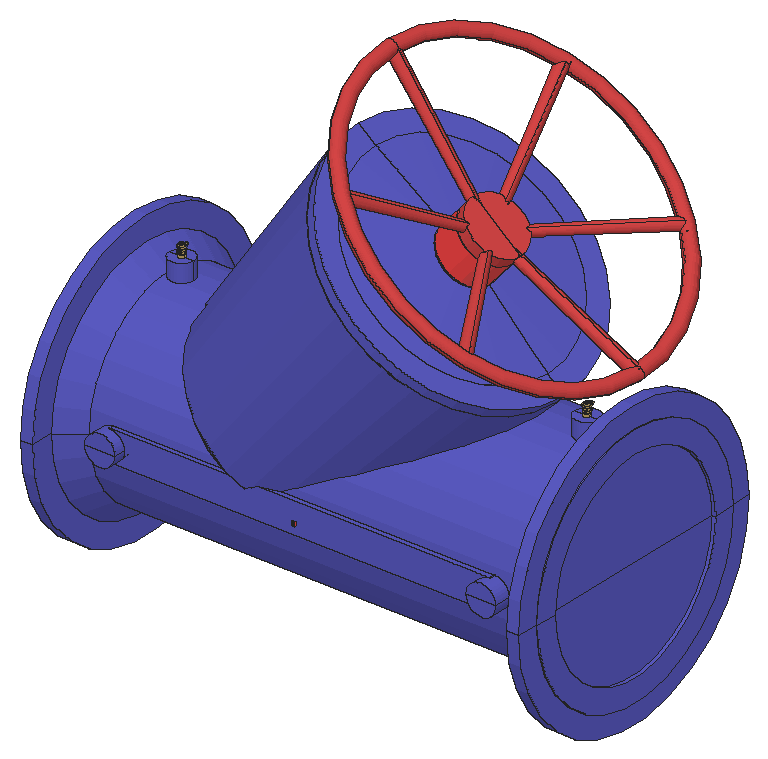
Revit family "HERZ Strömax Commissioning Valve With Test Points, Inclined Body 4218 GF PN16", category Rohrzubehör, Revit 2019
Family settings
  Bemaßung runder Anschluss = Durchmesser verwenden
  Teiletyp = Unterbricht
  OmniClass-Nummer = 23.65.55.14
  OmniClass-Titel = Valves for Liquid Services
  Arbeitsebenenbasiert = Nein
  Immer vertikal = Ja
  Beim Laden mit Abzugskörper schneiden = Nein
  Gemeinsam genutzt = Nein
Parameters
  kvs-value [instance] = if(Nennweite = 350.00 mm, 2917.6, if(Nennweite = 400.00 mm, 3854.8, if(Nennweite = 500.00 mm, 5250.6, 0)))  # 5250.6
  Counting device = "plastic material"  # constant formula
  W02 = 60.00°  # constant formula
  W01 = 50.00°  # constant formula
  Valve cone = "ductile iron EN-GJS-400-15 according to EN 1561 / EPDM coated"  # constant formula
  Spindle = "stainless steell"  # constant formula
  S01 [instance] = Nennweite + 10.00 mm  # 510.00 mm
  Regulating spindle = "stainless steell"  # constant formula
  Part number [instance] = size_lookup("4218_GF_16_", "Artnr", 0, Nennweite)  # 1421892
  Upper part = "ductile iron EN-GJS-400-15"  # constant formula
  O-Ring = "EPDM"  # constant formula
  Model = "STRÖMAX GF double regulating and commissioning valve with measuring valves, DN 350-500:\r\nbody nodular cast iron GJS 400-15 according to EN 1561, flange according to EN 1092, PN 16 or PN 25, blue enamel.\r\nValve upper part nodular cast iron GJS 400-15, with non-rising spindle, spindle sealing by means of a triple O-ring.\r\nPresetting steps are displayed digitally."
  Min. operating temperature = -10 °C  # constant formula
  Max. operating temperature = 110 °C  # constant formula
  Max. operating pressure = 1600000.0 Pa  # constant formula
  L04 [instance] = size_lookup("4218_GF_16_", "L4", 1.00 mm, Nennweite)  # 255.00 mm
  H11 = 85.00 mm  # constant formula
  H10 [instance] = H07 + H03  # 720.30 mm
  H08 = 47.00 mm  # constant formula
  H07 = 50.00 mm  # constant formula
  H06 = 27.00 mm  # constant formula
  H05 [instance] = H04 + 25.00 mm  # 605.00 mm
  H04 [instance] = size_lookup("4218_GF_16_", "H4", 1.00 mm, Nennweite)  # 580.00 mm
  H03 [instance] = size_lookup("4218_GF_16_", "H3", 1.00 mm, Nennweite)  # 670.30 mm
  Weight [instance] = if(Nennweite = 350.00 mm, "536.0 kg", if(Nennweite = 400.00 mm, "547.0 kg", if(Nennweite = 500.00 mm, "968.0 kg", "0")))  # "968.0 kg"
  URL = "www.herzvalves.com"
  SCRNSEQ = "ARM;ARM_TYP=\"STRV\";2"
  SCRNCODE = "05;07;02"  # constant formula
  R02 [instance] = size_lookup("4218_GF_16_", "R2", 1.00 mm, Nennweite)  # 30.00 mm
  R01 [instance] = size_lookup("4218_GF_16_", "R1", 1.00 mm, Nennweite)  # 37.50 mm
  Nennweite [instance] = 500.00 mm
  Medium = "Heating water quality according to ÖNORM H 5195 or VDI guideline 2035.\r\nEthylene and propylene glycol can be used in a ratio of 25-50 vol. [%] are mixed."
  L03 [instance] = size_lookup("4218_GF_16_", "L3", 1.00 mm, Nennweite)  # 505.00 mm
  L02 [instance] = size_lookup("4218_GF_16_", "L2", 1.00 mm, Nennweite)  # 475.00 mm
  L01 [instance] = size_lookup("4218_GF_16_", "L1", 1.00 mm, Nennweite)  # 533.50 mm
  L00 [instance] = size_lookup("4218_GF_16_", "L", 1.00 mm, Nennweite)  # 1250.00 mm
  Hersteller = "HERZ Armaturen Ges.m.b.H."  # constant formula
  H09 [instance] = H03  # 670.30 mm
  H02 [instance] = size_lookup("4218_GF_16_", "H2", 1.00 mm, Nennweite)  # 295.00 mm
  H01 [instance] = size_lookup("4218_GF_16_", "H1", 1.00 mm, Nennweite)  # 292.00 mm
  GT = 10.00 mm  # constant formula
  Field of application = "For hydraulic balancing in heating or cooling systems, regulating and shutting off distribution circuits, heat exchangers, heating and cooling terminals."
  FLL02 [instance] = size_lookup("4218_GF_16_", "FLL2", 1.00 mm, Nennweite)  # 30.00 mm
  FLL01 [instance] = size_lookup("4218_GF_16_", "FLL1", 1.00 mm, Nennweite)  # 4.00 mm
  FLD03 [instance] = size_lookup("4218_GF_16_", "FLD3", 1.00 mm, Nennweite)  # 254.00 mm
  FLD02 [instance] = size_lookup("4218_GF_16_", "FLD2", 1.00 mm, Nennweite)  # 300.00 mm
  FLD01 [instance] = size_lookup("4218_GF_16_", "FLD1", 1.00 mm, Nennweite)  # 305.00 mm
  FLD00 [instance] = size_lookup("4218_GF_16_", "FLD", 1.00 mm, Nennweite)  # 357.50 mm
  Differential pressure measurement = "The STRÖMAX GF double regulating and commissioning valve is equipped with two measuring valves:\r\nIt is possible to measure the differential pressure with suitable measuring devices and to determine the flow rate accordingly."
  DN500 [instance] = Nennweite = 500.00 mm  # yes
  DN400 [instance] = Nennweite = 400.00 mm  # no
  DN350 [instance] = Nennweite = 350.00 mm  # no
  D05 = 75.00 mm  # constant formula
  D04 [instance] = size_lookup("4218_GF_16_", "D4", 1.00 mm, Nennweite)  # 54.00 mm
  D03 [instance] = size_lookup("4218_GF_16_", "D3", 1.00 mm, Nennweite)  # 275.00 mm
  D02 [instance] = D03 - 20.00 mm  # 255.00 mm
  D01 [instance] = size_lookup("4218_GF_16_", "D1", 1.00 mm, Nennweite)  # 334.00 mm
  D00 [instance] = size_lookup("4218_GF_16_", "D", 1.00 mm, Nennweite)  # 278.00 mm
  Body = "ductile iron EN-GJS-400-15"  # constant formula
  BH02 [instance] = -BH01  # -37.50 mm
  BH01 [instance] = size_lookup("4218_GF_16_", "BH1", 1.00 mm, Nennweite)  # 37.50 mm
  Anschluss [instance] = Nennweite / 2  # 250.00 mm
Reference planes
  plane 1 "Mitte (Vorne/hinten)": y = 0
  plane 2: z = 0
  plane 3 "Mitte (Links/rechts)": x = 0
Forms (mm)
  Revolve 1, solid, material "Herz-Marineblau", detail levels fine
    sketch origin (1058.943, 0, 0) x (1, 0, 0) y (0, 1, 0)
      loop
        line (-1679.943, 357.5) -> (-1679.943, 305) -> (-1683.943, 305) -> (-1683.943, 250) -> (-1673.943, 250) -> (-1673.943, 0) -> (-443.943, 0) -> (-443.943, 250) -> (-433.943, 250) -> (-433.943, 305) -> (-437.943, 305) -> (-437.943, 357.5) -> (-467.943, 357.5) -> (-467.943, 300) -> (-525.443, 254)
        arc (-525.443, 254) -> (-1058.943, 278) -> (-1592.443, 254) r 5941.63
        line (-1592.443, 254) -> (-1649.943, 300) -> (-1649.943, 357.5) -> (-1679.943, 357.5)
      axis (-1683.943, 0) -> (-433.943, 0)
    angle from 0 to 360
  Revolve 2, solid, material "Herz-Marineblau", detail levels fine
    sketch origin (0, 0, 0) x (1, 0, 0) y (0, 1, 0)
      loop
        line (-475, 292) -> (-512.5, 292) -> (-512.5, -292) -> (-475, -292) -> (-475, 292)
      axis (-475, 292) -> (-475, -292)
    angle from 0 to 360
  Revolve 3, solid, material "Herz-Marineblau", detail levels fine
    sketch origin (0, 0, 0) x (-1, 0, 0) y (0, 1, 0)
      loop
        line (-475, 292) -> (-512.5, 292) -> (-512.5, -292) -> (-475, -292) -> (-475, 292)
      axis (-475, 292) -> (-475, -292)
    angle from 0 to 360
  Revolve 4, solid, material "Herz-Marineblau", detail levels fine
    sketch origin (0, 0, 0) x (1, 0, 0) y (0, 0, 1)
      loop
        line (-505, 0) -> (-505, 295) -> (-535, 295) -> (-535, 0) -> (-505, 0)
      axis (-505, 295) -> (-505, 0)
    angle from 0 to 360
  Revolve 5, solid, material "Herz-Marineblau", detail levels fine
    sketch origin (0, 0, 0) x (-1, 0, 0) y (0, 0, 1)
      loop
        line (-505, 0) -> (-505, 295) -> (-535, 295) -> (-535, 0) -> (-505, 0)
      axis (-505, 295) -> (-505, 0)
    angle from 0 to 360
  Extrusion 6, solid, material "Herz-Marineblau", visible <- "DN500", detail levels fine
    sketch origin (0, 0, 0) x (1, 0, 0) y (0, 1, 0)
      loop
        arc (-475, -263.998) -> (0, -282.994) -> (475, -263.998) r 5948.094
        line (475, -263.998) -> (475, 263.998)
        arc (475, 263.998) -> (0, 282.994) -> (-475, 263.998) r 5948.094
        line (-475, 263.998) -> (-475, -263.998)
    from -37.5 <- "BH02" to 37.5 <- "BH01"
  Extrusion 7, solid, material "Herz-Marineblau", visible <- "DN400", detail levels fine
    sketch origin (0, 0, 0) x (1, 0, 0) y (0, 1, 0)
      loop
        arc (-410, -209.712) -> (0, -223.005) -> (410, -209.712) r 6329.849
        line (410, -209.712) -> (410, 209.712)
        arc (410, 209.712) -> (0, 223.005) -> (-410, 209.712) r 6329.849
        line (-410, 209.712) -> (-410, -209.712)
    from -37.5 <- "BH02" to 37.5 <- "BH01"
  Extrusion 8, solid, material "Herz-Marineblau", visible <- "DN350", detail levels fine
    sketch origin (0, 0, 0) x (1, 0, 0) y (0, 1, 0)
      loop
        arc (-390, -185.916) -> (0, -255.071) -> (390, -185.916) r 1134.286
        line (390, -185.916) -> (390, 185.916)
        arc (390, 185.916) -> (0, 255.071) -> (-390, 185.916) r 1134.286
        line (-390, 185.916) -> (-390, -185.916)
    from -37.5 <- "BH02" to 37.5 <- "BH01"
  Revolve 9, solid, material "Herz-Marineblau", detail levels fine
    sketch origin (0, 0, 0) x (1, 0, 0) y (0, 0, 1)
      loop
        line (-255, 0) -> (175.861, 513.48) -> (-79.998, 728.171) -> (-407.619, 245.94) -> (-408.367, 213.934) -> (-255, 0)
      axis (-255, 0) -> (175.861, 513.48)
    angle from 0 to 360
  Revolve 10, solid, material "Herz-Marineblau", detail levels fine
    sketch origin (0, 0, 0) x (1, 0, 0) y (0, 0, 1)
      loop
        line (175.861, 513.48) -> (208, 551.782) -> (150.547, 599.991) -> (148.618, 597.693)
        arc (148.618, 597.693) -> (66.389, 659.883) -> (-21.277, 714.143) r 1105.603
        line (-21.277, 714.143) -> (-62.643, 748.854) -> (-79.998, 728.171) -> (175.861, 513.48)
      axis (208, 551.782) -> (175.861, 513.48)
    angle from 0 to 360
  Revolve 11, solid, material "Kunsstoff rot", detail levels fine
    sketch origin (0, 0, 0) x (1, 0, 0) y (0, 0, 1)
      loop
        line (208, 551.782) -> (262.637, 616.896) -> (205.184, 665.105) -> (150.547, 599.991) -> (208, 551.782)
      axis (262.637, 616.896) -> (208, 551.782)
    angle from 0 to 360
Lines and regions (mm)
  model lines, detail levels coarse+medium
    curve 1: line (-625, 0, 357.5) -> (-625, 0, -357.5)
    curve 2: line (-625, 0, -357.5) -> (625, 0, 357.5)
    curve 3: line (625, 0, 357.5) -> (625, 0, -357.5)
    curve 4: line (625, 0, -357.5) -> (-625, 0, 357.5)
    curve 5: line (0, 0, 0) -> (386.998, 0, 670.3)
    curve 6: line (166.161, 0, 797.8) -> (607.834, 0, 542.8)
    curve 7: line (-625, 357.5, 0) -> (-625, -357.5, 0)
    curve 8: line (-625, -357.5, 0) -> (625, 357.5, 0)
    curve 9: line (625, 357.5, 0) -> (625, -357.5, 0)
    curve 10: line (625, -357.5, 0) -> (-625, 357.5, 0)
    curve 11: line (0, 0, 0) -> (386.998, 670.3, 0)
    curve 12: line (166.161, 797.8, 0) -> (607.834, 542.8, 0)
Dimensions and locks
  "FLD00": plane 1 "Mitte (Vorne/hinten)" to Revolve 1 sketch curve
  "FLD01": plane 1 "Mitte (Vorne/hinten)" to Revolve 1 sketch curve
  "FLD02": plane 1 "Mitte (Vorne/hinten)" to Revolve 1 sketch curve  (x2)
  "FLD03": plane 1 "Mitte (Vorne/hinten)" to Revolve 1 sketch curve  (x2)
  "GT": Revolve 1 sketch curve to Revolve 1 sketch curve  (x2)
  "FLL01": Revolve 1 sketch curve to Revolve 1 sketch curve  (x2)
  "FLL02": Revolve 1 sketch curve to Revolve 1 sketch curve  (x2)
  equal spacing: Revolve 1 sketch curve, plane 3 "Mitte (Links/rechts)", Revolve 1 sketch curve
  "Anschluss": Revolve 1 sketch curve to plane 1 "Mitte (Vorne/hinten)"
  "Anschluss": plane 1 "Mitte (Vorne/hinten)" to Revolve 1 sketch curve
  "FLD01": Revolve 1 sketch curve to plane 1 "Mitte (Vorne/hinten)"
  "FLD00": Revolve 1 sketch curve to plane 1 "Mitte (Vorne/hinten)"
  "L00": Revolve 1 sketch curve to Revolve 1 sketch curve
  "D00": plane 1 "Mitte (Vorne/hinten)" to Revolve 1 sketch curve
  "L01": Revolve 1 sketch curve to plane 3 "Mitte (Links/rechts)" to Revolve 1 sketch curve
  "L02": Revolve 2 sketch curve to plane 3 "Mitte (Links/rechts)"
  "R01": Revolve 2 sketch curve to Revolve 2 sketch curve
  "H01": Revolve 2 sketch curve to plane 1 "Mitte (Vorne/hinten)" to Revolve 2 sketch curve
  "L02": plane 3 "Mitte (Links/rechts)" to Revolve 3 sketch curve
  "R01": Revolve 3 sketch curve to Revolve 3 sketch curve
  "H01": Revolve 3 sketch curve to plane 1 "Mitte (Vorne/hinten)" to Revolve 3 sketch curve
  "L03": plane 3 "Mitte (Links/rechts)" to Revolve 4 sketch curve
  "R02": Revolve 4 sketch curve to Revolve 4 sketch curve
  "H02": Revolve 4 sketch curve to plane 2
  "R02": Revolve 5 sketch curve to Revolve 5 sketch curve
  "L03": Revolve 5 sketch curve to plane 3 "Mitte (Links/rechts)"
  "H02": Revolve 5 sketch curve to plane 2
  "L03": plane 3 "Mitte (Links/rechts)" to nested 1
  "L03": nested 2 to plane 3 "Mitte (Links/rechts)"
  "H02": nested 1 to plane 2
  "H02": nested 2 to plane 2
  "FLD00": curve 4 to plane 2 to curve 2
  "FLD00": curve 3 to plane 2 to curve 4
  equal spacing: curve 1, plane 3 "Mitte (Links/rechts)", curve 3
  "L00": curve 1 to curve 3
  "H09": curve 5 to plane 2
  equal spacing: curve 1, curve 5, curve 3
  equal spacing: curve 6, curve 5, curve 6
  "S01": curve 6 to curve 6
  "FLD00": curve 8 to plane 1 "Mitte (Vorne/hinten)" to curve 10
  "FLD00": curve 10 to plane 1 "Mitte (Vorne/hinten)" to curve 9
  equal spacing: curve 7, plane 3 "Mitte (Links/rechts)", curve 9
  "L00": curve 7 to curve 9
  equal spacing: curve 7, curve 11, curve 9
  "H09": plane 1 "Mitte (Vorne/hinten)" to curve 11
  equal spacing: curve 12, curve 11, curve 12
  "S01": curve 12 to curve 12
  "L04": plane 3 "Mitte (Links/rechts)" to Revolve 9 sketch curve  (x2)
  "H03": Revolve 9 sketch curve to Revolve 9 sketch curve
  "D02": Revolve 9 sketch curve to Revolve 9 sketch curve
  "H05": Revolve 9 sketch curve to Revolve 9 sketch curve
  "H04": Revolve 9 sketch curve to Revolve 9 sketch curve
  "D03": Revolve 9 sketch curve to Revolve 9 sketch curve
  "H03": Revolve 10 sketch curve to Revolve 10 sketch curve
  "D01": Revolve 10 sketch curve to Revolve 10 sketch curve  (x2)
  "D04": Revolve 10 sketch curve to Revolve 10 sketch curve
  "D05": Revolve 10 sketch curve to Revolve 10 sketch curve
  "H06": Revolve 9 to Revolve 10 sketch curve
  "H07": Revolve 9 to Revolve 10 sketch curve
  "H08": Revolve 9 to Revolve 10 sketch curve
  "L04": plane 3 "Mitte (Links/rechts)" to Revolve 10 sketch curve
  "D01": Revolve 9 sketch curve to Revolve 9 sketch curve
  "L04": plane 3 "Mitte (Links/rechts)" to Revolve 11 sketch curve
  "H11": Revolve 10 to Revolve 11 sketch curve
  "D05": Revolve 11 sketch curve to Revolve 11 sketch curve  (x2)
  "H10": Revolve 11 sketch curve to Revolve 11 sketch curve
  "W02": angle plane 2 to curve 5
  "W02": angle plane 1 "Mitte (Vorne/hinten)" to curve 11
  "W01": angle plane 2 to Revolve 9 sketch curve  (x2)
  "W01": angle plane 2 to Revolve 10 sketch curve  (x2)
  "W01": angle plane 2 to Revolve 11 sketch curve  (x2)
  aligned and locked: level to plane 2
Automatic sketch dimensions
  Extrusion 6 sketch curve to plane 3 "Mitte (Links/rechts)" = 0.00 mm  (x2)
  plane 1 "Mitte (Vorne/hinten)" to Extrusion 6 sketch curve = 263.998 mm
  Extrusion 6 sketch curve to plane 3 "Mitte (Links/rechts)" = 475.00 mm
  Extrusion 6 sketch curve to Extrusion 6 sketch curve = 5401.102 mm
  Extrusion 6 sketch curve to plane 1 "Mitte (Vorne/hinten)" = 5665.10 mm
  Extrusion 6 sketch curve to plane 1 "Mitte (Vorne/hinten)" = 263.998 mm  (x2)
  Extrusion 7 sketch curve to plane 3 "Mitte (Links/rechts)" = 0.00 mm  (x2)
  plane 1 "Mitte (Vorne/hinten)" to Extrusion 7 sketch curve = 209.712 mm  (x2)
  Extrusion 7 sketch curve to plane 3 "Mitte (Links/rechts)" = 410.00 mm
  Extrusion 7 sketch curve to Extrusion 7 sketch curve = 5897.131 mm
  Extrusion 7 sketch curve to plane 1 "Mitte (Vorne/hinten)" = 6106.844 mm
  Extrusion 7 sketch curve to plane 1 "Mitte (Vorne/hinten)" = 209.712 mm
  Extrusion 8 sketch curve to plane 3 "Mitte (Links/rechts)" = 0.00 mm  (x2)
  plane 1 "Mitte (Vorne/hinten)" to Extrusion 8 sketch curve = 185.916 mm
  Extrusion 8 sketch curve to plane 3 "Mitte (Links/rechts)" = 390.00 mm
  Extrusion 8 sketch curve to Extrusion 8 sketch curve = 693.298 mm
  Extrusion 8 sketch curve to plane 1 "Mitte (Vorne/hinten)" = 879.214 mm
  Extrusion 8 sketch curve to plane 1 "Mitte (Vorne/hinten)" = 185.916 mm  (x2)
  plane 1 "Mitte (Vorne/hinten)" to Revolve 1 sketch curve = 0.00 mm  (x2)
  Revolve 1 sketch curve to Revolve 1 sketch curve = 35.00 mm
  Revolve 1 sketch curve to Revolve 1 sketch curve = 40.00 mm
  Revolve 2 sketch curve to Revolve 2 sketch curve = 0.00 mm  (x3)
  Revolve 3 sketch curve to Revolve 3 sketch curve = 0.00 mm  (x3)
  Revolve 4 sketch curve to level = 0.00 mm  (x2)
  Revolve 4 sketch curve to Revolve 4 sketch curve = 0.00 mm  (x2)
  Revolve 5 sketch curve to level = 0.00 mm  (x2)
  Revolve 5 sketch curve to Revolve 5 sketch curve = 0.00 mm  (x2)
  Revolve 9 sketch curve to level = 0.00 mm  (x2)
  Revolve 10 sketch curve to level = 0.00 mm
  Revolve 10 sketch curve to level = 252.062 mm
  Revolve 11 sketch curve to level = 0.00 mm
Nested families
  nested 1: "Messstutzen_Band_Eintritt_senkrecht_(oben)" at (-505, 0, 286), type "Messstutzen_Band_Eintritt_senkrecht_(oben)", detail levels fine
    with Schutzkappe yes, Nennweite 0.00 mm, Gewicht 0.00 kg, Bestellnummer 0
  nested 2: "Messstutzen_Band_Austritt_senkrecht_(oben)" at (505, 0, 286), type "Messstutzen_Band_Austritt_senkrecht_(oben)", detail levels fine
    with Schutzkappe yes, Nennweite 0.00 mm, Gewicht 0.00 kg, Bestellnummer 0
  nested 3: "Herz-Logo-vorne" at (0, -282.994, 0) x (0, 1, 0) z (0, 0, 1), visible <- "DN500", type "Herz-Logo-vorne", detail levels fine
  nested 4: "Herz-Logo-vorne" at (0, -221.503, 0) x (0, 1, 0) z (0, 0, 1), visible <- "DN400", type "Herz-Logo-vorne", detail levels fine
  nested 5: "Herz-Logo-vorne" at (0, -255.053, 0) x (0, 1, 0) z (0, 0, 1), visible <- "DN350", type "Herz-Logo-vorne", detail levels fine
  nested 6: "Strangregulierventil-Handrad_VOLL-Schräg (Rot) DN350-DN400" at (211.704, 0, 501.376), visible <- "DN350", type "Strangregulierventil-Handrad_VOLL-Schräg (Rot) DN350-DN400"
    with DN300 yes
  nested 7: "Strangregulierventil-Handrad_VOLL-Schräg (Rot) DN350-DN400" at (230.272, 0, 547.339), visible <- "DN400", type "Strangregulierventil-Handrad_VOLL-Schräg (Rot) DN350-DN400"
    with DN300 yes
  nested 8: "Strangregulierventil-Handrad_VOLL-Schräg (Rot) DN500" at (262.637, 0, 616.896), visible <- "DN500", type "Strangregulierventil-Handrad_VOLL-Schräg (Rot) DN500", detail levels fine
    with DN300 yes
Connectors
  piping at (-625, 0, 0), diameter 500, driven by "Nennweite"
    settings: on Revolve 1, index 1, connector inside diameter 609.6 mm, connector length 0.00 mm, flow factor 0, pipe flow 0.0 L/s, pressure drop 0.0 Pa, fitting loss kfactor 0, connector angle 0.00°, fixture units 0, engagement length 0.00 mm, angle of deflection 0.00°, flow configuration 0, flow direction 1, fitting loss method 0, system type 29, joint type 0, gender type 0, connector reference index -1, connector utility 0, adjustable connector no, is connector primary yes, connector description ""
  piping at (625, 0, 0), diameter 500, driven by "Nennweite"
    settings: on Revolve 1, index 2, connector inside diameter 609.6 mm, connector length 0.00 mm, flow factor 0, pipe flow 0.0 L/s, pressure drop 0.0 Pa, fitting loss kfactor 0, connector angle 0.00°, fixture units 0, engagement length 0.00 mm, angle of deflection 0.00°, flow configuration 0, flow direction 2, fitting loss method 0, system type 29, joint type 0, gender type 0, connector reference index -1, connector utility 0, adjustable connector no, is connector primary no, connector description ""
Definition of nested family "Messstutzen_Band_Eintritt_senkrecht_(oben)"
  Parameters (values of type "Messstutzen_Band_Eintritt_senkrecht_(oben)")
    URL = "www.herz-armaturen.at"
    Schutzkappe [instance] = yes
    Nennweite [instance] = 0.00 mm
    Manufacturer = "Herz Armaturen GmbH"  # constant formula
    Gewicht [instance] = 0.00 kg
    Bestellnummer [instance] = 0
  Reference planes
    plane 1 "Mitte (Vorne/hinten)": y = 0
    plane 2: z = 0
    plane 3 "Mitte (Links/rechts)": x = 0
    plane 4 "Schlaufe 1": z = -27
    plane 5 "Schlaufe 2": z = -31.678
  Forms (mm)
    Revolve 1, solid, detail levels fine
      sketch origin (0, 0, 0) x (1, 0, 0) y (0, 0, 1)
        loop
          line (-7.4, 9) -> (-5.55, 9) -> (-5.55, 6)
          arc (-5.55, 6) -> (-5.626, 5.617) -> (-5.843, 5.293) r 1
          line (-5.843, 5.293) -> (-6.455, 4.681) -> (-6.455, 0.9) -> (-5.555, 0) -> (-2, 0) -> (-2, 17.5) -> (-8.4, 17.5)
          arc (-8.4, 17.5) -> (-7.693, 17.207) -> (-7.4, 16.5) r 1
          line (-7.4, 16.5) -> (-7.4, 9)
        loop
          line (-3.7, 27) -> (-7.3, 27) -> (-7.9, 26.4) -> (-7.9, 23) -> (-2, 23) -> (-2, 35.8) -> (-3.805, 35.8) -> (-4.415, 35.19) -> (-4.415, 30.863) -> (-3.7, 30.45) -> (-3.7, 27)
        axis (0, 0) -> (0, 35.8)
      angle from 0 to 360
    Extrusion 2, solid, detail levels fine
      sketch origin (0, 0, 17.5) x (0, 1, 0) y (-1, 0, 0)
        loop
          arc (-7.07, 5.156) -> (-7.578, 4.375) -> (-8, 3.544) r 8.75
          line (-8, 3.544) -> (-8, -3.544)
          arc (-8, -3.544) -> (-7.578, -4.375) -> (-7.07, -5.156) r 8.75
          line (-7.07, -5.156) -> (-0.93, -8.7)
          arc (-0.93, -8.7) -> (0, -8.75) -> (0.93, -8.7) r 8.75
          line (0.93, -8.7) -> (7.07, -5.156)
          arc (7.07, -5.156) -> (7.578, -4.375) -> (8, -3.544) r 8.75
          line (8, -3.544) -> (8, 3.544)
          arc (8, 3.544) -> (7.578, 4.375) -> (7.07, 5.156) r 8.75
          line (7.07, 5.156) -> (0.93, 8.7)
          arc (0.93, 8.7) -> (0, 8.75) -> (-0.93, 8.7) r 8.75
          line (-0.93, 8.7) -> (-7.07, 5.156)
      from 0 to 5.5
    Revolve 3, solid, visible <- "Schutzkappe", detail levels fine
      sketch origin (0, 0, 0) x (1, 0, 0) y (0, 0, 1)
        loop
          line (0, 35.878) -> (0, 36.678) -> (-7, 36.678) -> (-7, 33.378) -> (-6.1, 33.378) -> (-6.1, 31.678) -> (-6.9, 31.678) -> (-6.9, 30.178) -> (-4.415, 30.178) -> (-4.415, 35.268) -> (-3.805, 35.878) -> (0, 35.878)
        axis (0, 30.178) -> (0, 36.678)
      angle from 0 to 360
    Extrusion 4, solid, detail levels fine
      sketch origin (0, 0, 28.5) x (1, 0, 0) y (0, 1, 0)
        loop
          circle (0, 0) r 3.7
        loop
          arc (-3.906, 5.505) -> (0, -6.75) -> (3.906, 5.505) r 6.75
          arc (3.906, 5.505) -> (2.358, 7.288) -> (1.8, 9.582) r 5
          line (1.8, 9.582) -> (-1.8, 9.582)
          arc (-1.8, 9.582) -> (-2.358, 7.288) -> (-3.906, 5.505) r 5
      from 0 to -1.5
    Extrusion 5, solid, detail levels fine
      sketch origin (0, 0, 33.178) x (1, 0, 0) y (0, 1, 0)
        loop
          circle (0, 0) r 6.1
        loop
          arc (-4.495, 8.652) -> (0, -9.75) -> (4.495, 8.652) r 9.75
          arc (4.495, 8.652) -> (2.527, 10.493) -> (1.8, 13.089) r 5
          line (1.8, 13.089) -> (-1.8, 13.089)
          arc (-1.8, 13.089) -> (-2.527, 10.493) -> (-4.495, 8.652) r 5
      from 0 to -1.5
    Sweep 6, solid, detail levels fine
      path origin (0, 0, 0) x (0, 0, -1) y (0, -1, 0)
        loop
          line (-27.75, -9.582) -> (-27.75, -14.522)
          arc (-27.75, -14.522) -> (-30.089, -16.862) -> (-32.428, -14.522) r 2.339
          line (-32.428, -14.522) -> (-32.428, -13.089)
      profile origin (0, 12.052, 27.75) x (0, 0, 1) y (1, 0, 0)
        loop
          line (-0.75, -1.8) -> (0.75, -1.8) -> (0.75, 1.8) -> (-0.75, 1.8) -> (-0.75, -1.8)
  Dimensions and locks
    aligned and locked: level to plane 2
Definition of nested family "Messstutzen_Band_Austritt_senkrecht_(oben)"
  Parameters (values of type "Messstutzen_Band_Austritt_senkrecht_(oben)")
    URL = "www.herz-armaturen.at"
    Schutzkappe [instance] = yes
    Nennweite [instance] = 0.00 mm
    Manufacturer = "Herz Armaturen GmbH"  # constant formula
    Gewicht [instance] = 0.00 kg
    Bestellnummer [instance] = 0
  Reference planes
    plane 1 "Mitte (Vorne/hinten)": y = 0
    plane 2: z = 0
    plane 3 "Mitte (Links/rechts)": x = 0
    plane 4 "Schlaufe 1": z = -27
    plane 5 "Schlaufe 2": z = -31.678
  Forms (mm)
    Revolve 1, solid, detail levels fine
      sketch origin (0, 0, 0) x (1, 0, 0) y (0, 0, 1)
        loop
          line (-7.4, 9) -> (-5.55, 9) -> (-5.55, 6)
          arc (-5.55, 6) -> (-5.626, 5.617) -> (-5.843, 5.293) r 1
          line (-5.843, 5.293) -> (-6.455, 4.681) -> (-6.455, 0.9) -> (-5.555, 0) -> (-2, 0) -> (-2, 17.5) -> (-8.4, 17.5)
          arc (-8.4, 17.5) -> (-7.693, 17.207) -> (-7.4, 16.5) r 1
          line (-7.4, 16.5) -> (-7.4, 9)
        loop
          line (-3.7, 27) -> (-7.3, 27) -> (-7.9, 26.4) -> (-7.9, 23) -> (-2, 23) -> (-2, 35.8) -> (-3.805, 35.8) -> (-4.415, 35.19) -> (-4.415, 30.863) -> (-3.7, 30.45) -> (-3.7, 27)
        axis (0, 0) -> (0, 35.8)
      angle from 0 to 360
    Extrusion 2, solid, detail levels fine
      sketch origin (0, 0, 17.5) x (0, 1, 0) y (-1, 0, 0)
        loop
          arc (-7.07, 5.156) -> (-7.578, 4.375) -> (-8, 3.544) r 8.75
          line (-8, 3.544) -> (-8, -3.544)
          arc (-8, -3.544) -> (-7.578, -4.375) -> (-7.07, -5.156) r 8.75
          line (-7.07, -5.156) -> (-0.93, -8.7)
          arc (-0.93, -8.7) -> (0, -8.75) -> (0.93, -8.7) r 8.75
          line (0.93, -8.7) -> (7.07, -5.156)
          arc (7.07, -5.156) -> (7.578, -4.375) -> (8, -3.544) r 8.75
          line (8, -3.544) -> (8, 3.544)
          arc (8, 3.544) -> (7.578, 4.375) -> (7.07, 5.156) r 8.75
          line (7.07, 5.156) -> (0.93, 8.7)
          arc (0.93, 8.7) -> (0, 8.75) -> (-0.93, 8.7) r 8.75
          line (-0.93, 8.7) -> (-7.07, 5.156)
      from 0 to 5.5
    Revolve 3, solid, visible <- "Schutzkappe", detail levels fine
      sketch origin (0, 0, 0) x (1, 0, 0) y (0, 0, 1)
        loop
          line (0, 35.878) -> (0, 36.678) -> (-7, 36.678) -> (-7, 33.378) -> (-6.1, 33.378) -> (-6.1, 31.678) -> (-6.9, 31.678) -> (-6.9, 30.178) -> (-4.415, 30.178) -> (-4.415, 35.268) -> (-3.805, 35.878) -> (0, 35.878)
        axis (0, 30.178) -> (0, 36.678)
      angle from 0 to 360
    Extrusion 4, solid, detail levels fine
      sketch origin (0, 0, 28.5) x (1, 0, 0) y (0, 1, 0)
        loop
          circle (0, 0) r 3.7
        loop
          arc (-3.906, 5.505) -> (0, -6.75) -> (3.906, 5.505) r 6.75
          arc (3.906, 5.505) -> (2.358, 7.288) -> (1.8, 9.582) r 5
          line (1.8, 9.582) -> (-1.8, 9.582)
          arc (-1.8, 9.582) -> (-2.358, 7.288) -> (-3.906, 5.505) r 5
      from 0 to -1.5
    Extrusion 5, solid, detail levels fine
      sketch origin (0, 0, 33.178) x (1, 0, 0) y (0, 1, 0)
        loop
          circle (0, 0) r 6.1
        loop
          arc (-4.495, 8.652) -> (0, -9.75) -> (4.495, 8.652) r 9.75
          arc (4.495, 8.652) -> (2.527, 10.493) -> (1.8, 13.089) r 5
          line (1.8, 13.089) -> (-1.8, 13.089)
          arc (-1.8, 13.089) -> (-2.527, 10.493) -> (-4.495, 8.652) r 5
      from 0 to -1.5
    Sweep 6, solid, detail levels fine
      path origin (0, 0, 0) x (0, 0, -1) y (0, -1, 0)
        loop
          line (-27.75, -9.582) -> (-27.75, -14.522)
          arc (-27.75, -14.522) -> (-30.089, -16.862) -> (-32.428, -14.522) r 2.339
          line (-32.428, -14.522) -> (-32.428, -13.089)
      profile origin (0, 12.052, 27.75) x (0, 0, 1) y (1, 0, 0)
        loop
          line (-0.75, -1.8) -> (0.75, -1.8) -> (0.75, 1.8) -> (-0.75, 1.8) -> (-0.75, -1.8)
  Dimensions and locks
    aligned and locked: level to plane 2
Definition of nested family "Herz-Logo-vorne"
  Reference planes
    plane 1 "Mitte (Vorne/hinten)": y = 0
    plane 2: z = 0
    plane 3 "Mitte (Links/rechts)": x = 0
  Forms (mm)
    Extrusion 1, solid
      sketch origin (0.732, -0.018, 0.017) x (0, -1, 0) y (0, 0, 1)
        loop
          line (-0.018, -4.517) -> (4.482, -4.517) -> (4.482, 4.483) -> (-4.518, 4.483) -> (-4.518, -4.517) -> (-0.018, -4.517)
        loop
          line (-0.05, -3.48) -> (3.482, -3.48) -> (3.482, 3.483) -> (-3.518, 3.483) -> (-3.518, -3.48) -> (-0.05, -3.48)
        loop
          arc (-0.018, 2.383) -> (-1.543, 3.287) -> (-3.067, 2.383) r 1.738
          arc (-3.067, 2.383) -> (-3.191, 1.899) -> (-3.067, 1.415) r 1.009
          line (-3.067, 1.415) -> (-0.018, -3.281) -> (3.032, 1.415)
          arc (3.032, 1.415) -> (3.156, 1.899) -> (3.032, 2.383) r 1.009
          arc (3.032, 2.383) -> (1.507, 3.287) -> (-0.018, 2.383) r 1.738
        loop
          arc (1.885, 1.272) -> (2.005, 1.675) -> (1.885, 2.079) r 0.74
          arc (1.885, 2.079) -> (1.265, 2.416) -> (0.644, 2.079) r 0.74
          line (0.644, 2.079) -> (-0.018, 0.97) -> (-0.679, 2.079)
          arc (-0.679, 2.079) -> (-1.3, 2.416) -> (-1.921, 2.079) r 0.74
          arc (-1.921, 2.079) -> (-2.04, 1.675) -> (-1.921, 1.272) r 0.74
          line (-1.921, 1.272) -> (-0.018, -1.658) -> (1.885, 1.272)
      from 0 to 1.5
  Dimensions and locks
    aligned and locked: level to plane 2
Definition of nested family "Strangregulierventil-Handrad_VOLL-Schräg (Rot) DN350-DN400"
  Parameters (values of type "Strangregulierventil-Handrad_VOLL-Schräg (Rot) DN350-DN400")
    DN300 [instance] = yes
  Reference planes
    plane 1 "Mitte (Vorne/hinten)": y = 0
    plane 2: z = 0
    plane 3 "Mitte (Links/rechts)": x = 0
  Forms (mm)
    Revolve 1, solid, detail levels fine
      sketch origin (0, 0, 0) x (0.766044, 0, -0.642788) y (0.642788, 0, 0.766044)
        loop
          line (0, 0) -> (0, 30) -> (-75, 30) -> (-75, 0) -> (0, 0)
        loop
          line (-316.85, 58.85) -> (-316.85, 42.85) -> (-280.85, 42.85) -> (-280.85, 58.85)
          arc (-280.85, 58.85) -> (-298.85, 76.85) -> (-316.85, 58.85) r 18
        axis (0, 58.85) -> (0, 0)
      angle from 0 to 360
    Revolve 2, solid, detail levels fine
      sketch origin (0, 0, 0) x (0.766044, 0, -0.642788) y (0.642788, 0, 0.766044)
        loop
          line (299.245, 74.817) -> (49.107, 26.195) -> (50.831, 16.343) -> (301.153, 65.001) -> (299.245, 74.817)
        axis (50.832, 16.338) -> (301.154, 64.996)
      angle from 0 to 360
    Revolve 3, solid, detail levels fine
      sketch origin (0, 0, 0) x (0.236721, 0.951057, -0.198632) y (0.642788, 0, 0.766044)
        loop
          line (299.245, 74.817) -> (49.107, 26.195) -> (50.831, 16.343) -> (301.153, 65.001) -> (299.245, 74.817)
        axis (50.832, 16.338) -> (301.154, 64.996)
      angle from 0 to 360
    Revolve 4, solid, detail levels fine
      sketch origin (0, 0, 0) x (-0.619743, 0.587785, 0.520026) y (0.642788, 0, 0.766044)
        loop
          line (299.245, 74.817) -> (49.107, 26.195) -> (50.831, 16.343) -> (301.153, 65.001) -> (299.245, 74.817)
        axis (50.832, 16.338) -> (301.154, 64.996)
      angle from 0 to 360
    Revolve 5, solid, detail levels fine
      sketch origin (0, 0, 0) x (-0.619743, -0.587785, 0.520026) y (0.642788, 0, 0.766044)
        loop
          line (299.245, 74.817) -> (49.107, 26.195) -> (50.831, 16.343) -> (301.153, 65.001) -> (299.245, 74.817)
        axis (50.832, 16.338) -> (301.154, 64.996)
      angle from 0 to 360
    Revolve 6, solid, detail levels fine
      sketch origin (0, 0, 0) x (0.236721, -0.951057, -0.198632) y (0.642788, 0, 0.766044)
        loop
          line (299.245, 74.817) -> (49.107, 26.195) -> (50.831, 16.343) -> (301.153, 65.001) -> (299.245, 74.817)
        axis (50.832, 16.338) -> (301.154, 64.996)
      angle from 0 to 360
  Dimensions and locks
    Revolve 1 sketch curve to plane 2 = 255.179 mm
    Revolve 1 sketch curve to Revolve 1 sketch curve = 30.00 mm
    aligned and locked: level to plane 2
Definition of nested family "Strangregulierventil-Handrad_VOLL-Schräg (Rot) DN500"
  Parameters (values of type "Strangregulierventil-Handrad_VOLL-Schräg (Rot) DN500")
    DN300 [instance] = yes
  Reference planes
    plane 1 "Mitte (Vorne/hinten)": y = 0
    plane 2: z = 0
    plane 3 "Mitte (Links/rechts)": x = 0
  Forms (mm)
    Revolve 1, solid, detail levels fine
      sketch origin (0, 0, 0) x (0.766044, 0, -0.642788) y (0.642788, 0, 0.766044)
        loop
          line (0, 0) -> (0, 30) -> (-75, 30) -> (-75, 0) -> (0, 0)
        loop
          circle (-400, 94.75) r 16.85
        axis (0, 94.75) -> (0, 0)
      angle from 0 to 360
    Revolve 2, solid, detail levels fine
      sketch origin (0, 0, 0) x (0.766044, 0, -0.642788) y (0.642788, 0, 0.766044)
        loop
          line (400.44, 94.852) -> (397.067, 109.46) -> (48.97, 25.68) -> (51.251, 14.235) -> (400.44, 94.852)
        axis (51.251, 14.235) -> (400.44, 94.852)
      angle from 0 to 360
    Revolve 3, solid, detail levels fine
      sketch origin (0, 0, 0) x (0.383022, 0.866025, -0.321394) y (0.642788, 0, 0.766044)
        loop
          line (400.44, 94.852) -> (397.067, 109.46) -> (48.97, 25.68) -> (51.251, 14.235) -> (400.44, 94.852)
        axis (51.251, 14.235) -> (400.44, 94.852)
      angle from 0 to 360
    Revolve 4, solid, detail levels fine
      sketch origin (0, 0, 0) x (-0.383022, 0.866025, 0.321394) y (0.642788, 0, 0.766044)
        loop
          line (400.44, 94.852) -> (397.067, 109.46) -> (48.97, 25.68) -> (51.251, 14.235) -> (400.44, 94.852)
        axis (51.251, 14.235) -> (400.44, 94.852)
      angle from 0 to 360
    Revolve 5, solid, detail levels fine
      sketch origin (0, 0, 0) x (-0.766044, 0, 0.642788) y (0.642788, 0, 0.766044)
        loop
          line (400.44, 94.852) -> (397.067, 109.46) -> (48.97, 25.68) -> (51.251, 14.235) -> (400.44, 94.852)
        axis (51.251, 14.235) -> (400.44, 94.852)
      angle from 0 to 360
    Revolve 6, solid, detail levels fine
      sketch origin (0, 0, 0) x (-0.383022, -0.866025, 0.321394) y (0.642788, 0, 0.766044)
        loop
          line (400.44, 94.852) -> (397.067, 109.46) -> (48.97, 25.68) -> (51.251, 14.235) -> (400.44, 94.852)
        axis (51.251, 14.235) -> (400.44, 94.852)
      angle from 0 to 360
    Revolve 7, solid, detail levels fine
      sketch origin (0, 0, 0) x (0.383022, -0.866025, -0.321394) y (0.642788, 0, 0.766044)
        loop
          line (400.44, 94.852) -> (397.067, 109.46) -> (48.97, 25.68) -> (51.251, 14.235) -> (400.44, 94.852)
        axis (51.251, 14.235) -> (400.44, 94.852)
      angle from 0 to 360
  Dimensions and locks
    Revolve 1 sketch curve to Revolve 1 sketch curve = 30.00 mm
    Revolve 1 sketch curve to Revolve 1 sketch curve = 416.85 mm
    Revolve 1 sketch curve to level = 346.548 mm
    Revolve 1 sketch curve to Revolve 1 sketch curve = 75.00 mm
    aligned and locked: level to plane 2
